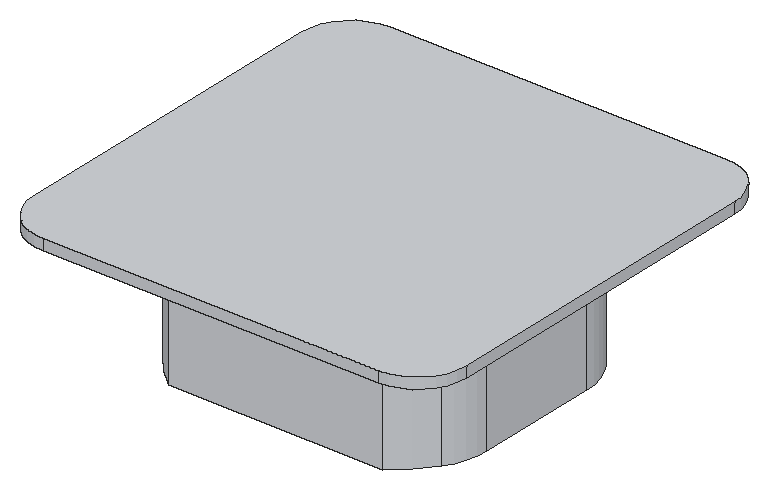
Revit family "Gira_541400", category Electrical Fixtures, host Face, Revit 2017
Family settings
  Host = Face
  Maintain Annotation Orientation = Yes
  Round Connector Dimension = Use Diameter
  Part Type = Normal
  Cut with Voids When Loaded = No
  Shared = No
  Room Calculation Point = No
Parameters (values of type "S3000 Jal.steuereins. + Nebenst.eing. Einsatz")
  Zusammenstellung = "Basiselement"
  Zufallsgenerator = "No"
  Werkstoffgüte = "sonstige"
  Werkstoff = "sonstige"
  URL = "http://katalog.gira.de/de_DE/datenblatt.html?artikelnr=541400"
  Transparent = "No"
  Region = "DE"
  Oberfläche = "sonstige"
  Nennspannung = "230 Volt"
  Nebenstelleneingang = "Yes"
  Name = "S3000 Jal.steuereins. + Nebenst.eing. Einsatz"
  Montageart = "unter Putz"
  Mit Memory-Funktion = "No"
  Mit Helligkeitssensoranschluss = "No"
  Mit Glasbruchmelderanschluss = "No"
  Mit Astro-Programm = "No"
  Max. Schaltleistung = "1000 Voltampere"
  Manufacturer URL = "https://www.gira.de/"
  Keynote = "Einsatz_1fach"
  Integrierte Zeitschaltuhr = "No"
  HeinzeBIM = "https://bimportal.heinze.de/bim/s3000-jal-steuereins-nebenst-eing-einsatz/ac306133452292a3bc7f806966d65fbe93a0f52b"
  Halogenfrei = "No"
  HAN = "541400"
  Geeignet für Windsensor = "No"
  Geeignet für Schutzart (IP) = "IP20"
  Geeignet für Regensensor = "No"
  GTIN = "4010337027423"
  Farbe = "sonstige"
  Default Elevation = 1219.2 mm
  Data sheet (1) = "https://katalog.gira.de/de_DE/download.html?artikelnr=541400"
  Category = "Jalousiesteuerung"
  Befestigungsart = "Krallen-/Schraubbefestigung"
  Available = "Yes"
  Aussperrsicherung = "No"
  Ausführung der Oberfläche = "nicht zutreffend"
Reference planes
  plane 1 "Center (Front/Back)": y = 0
  plane 2: z = 0
  plane 3 "Center (Left/Right)": x = 0
Forms (mm)
  Extrusion 1, solid, detail levels fine
    sketch origin (0, 0, 0) x (1, 0, 0) y (0, 1, 0)
      loop
        line (27.475, 35.475) -> (-27.475, 35.475)
        arc (-27.475, 35.475) -> (-33.132, 33.132) -> (-35.475, 27.475) r 8
        line (-35.475, 27.475) -> (-35.475, -27.475)
        arc (-35.475, -27.475) -> (-33.132, -33.132) -> (-27.475, -35.475) r 8
        line (-27.475, -35.475) -> (27.475, -35.475)
        arc (27.475, -35.475) -> (33.132, -33.132) -> (35.475, -27.475) r 8
        line (35.475, -27.475) -> (35.475, 27.475)
        arc (35.475, 27.475) -> (33.132, 33.132) -> (27.475, 35.475) r 8
    from 0 to 1.8
  Extrusion 2, solid, detail levels fine
    sketch origin (0, 0, 0) x (1, 0, 0) y (0, 1, 0)
      loop
        line (9.678, 25.4) -> (-9.678, 25.4)
        arc (-9.678, 25.4) -> (-12.885, 24.922) -> (-15.814, 23.53) r 11
        arc (-15.814, 23.53) -> (-17.795, 22.07) -> (-19.641, 20.444) r 28.35
        arc (-19.641, 20.444) -> (-21.339, 18.665) -> (-22.876, 16.745) r 28.35
        arc (-22.876, 16.745) -> (-24.456, 13.666) -> (-25, 10.248) r 11
        line (-25, 10.248) -> (-25, -10.248)
        arc (-25, -10.248) -> (-24.456, -13.666) -> (-22.876, -16.745) r 11
        arc (-22.876, -16.745) -> (-20.409, -19.677) -> (-17.569, -22.25) r 28.35
        line (-17.569, -22.25) -> (17.569, -22.25)
        arc (17.569, -22.25) -> (20.409, -19.677) -> (22.876, -16.745) r 28.35
        arc (22.876, -16.745) -> (24.456, -13.666) -> (25, -10.248) r 11
        line (25, -10.248) -> (25, 10.248)
        arc (25, 10.248) -> (24.456, 13.666) -> (22.876, 16.745) r 11
        arc (22.876, 16.745) -> (21.593, 18.37) -> (20.195, 19.897) r 28.35
        arc (20.195, 19.897) -> (18.096, 21.823) -> (15.814, 23.53) r 28.35
        arc (15.814, 23.53) -> (12.885, 24.922) -> (9.678, 25.4) r 11
    from 0 to -22
  Extrusion 3, solid, detail levels medium
    sketch origin (0, 0, 0) x (1, 0, 0) y (0, 1, 0)
      loop
        line (-25, 25.4) -> (-25, -22.25) -> (25, -22.25) -> (25, 25.4) -> (-25, 25.4)
    from 0 to -22
  Extrusion 4, solid, detail levels coarse
    sketch origin (0, 0, 0) x (1, 0, 0) y (0, 1, 0)
      loop
        line (35.475, 35.475) -> (-35.475, 35.475) -> (-35.475, -35.475) -> (35.475, -35.475) -> (35.475, 35.475)
    from -22 to 1.8
  Extrusion 5, solid, detail levels medium
    sketch origin (0, 0, 0) x (1, 0, 0) y (0, 1, 0)
      loop
        line (35.475, 35.475) -> (-35.475, 35.475) -> (-35.475, -35.475) -> (35.475, -35.475) -> (35.475, 35.475)
    from 0 to 1.8
Dimensions and locks
  aligned and locked: plane 2 to host face
  aligned and locked: level to host face
  aligned and locked: plane 3 "Center (Left/Right)" to nested 1
  aligned and locked: plane 1 "Center (Front/Back)" to nested 1
Nested families
  nested 1: "RJ45-Datendose Beschriftung" at (0, 0, 0), type "RJ45-Datendose Beschriftung"
Connectors
  electrical at (0, 0, -22)
    settings: on Extrusion 4, index 1, voltage 220 V, apparent load 0 VA, apparent load phase1 0 VA, apparent load phase2 0 VA, apparent load phase3 0 VA, power factor 1, load classification "Other", number of poles 1, system type 30, power factor state 1, is connector primary yes, connector utility no, sub classification motor no, connector description ""
Definition of nested family "RJ45-Datendose Beschriftung"
  Reference planes
    plane 1: y = 0
    plane 2: x = 0
  Lines and regions (mm)
    Filled region 1, type "Gefüllter Bereich 1"
      outline origin (0, 0, 0) x (1, 0, 0) y (0, 1, 0)
        loop
          circle (0, 2.4) r 0.4
    detail lines
      curve 1: line (0, 0, 0) -> (0, 2, 0)
      curve 2: line (0, 2, 0) -> (1.2, 2, 0)
      curve 3: line (1.2, 2, 0) -> (1.2, 3.6, 0)
      curve 4: circle (0, 2.4, 0) r 0.4 normal (0, 0, 1)
      curve 5: line (0, 2, 0) -> (-1.2, 2, 0)
      curve 6: line (-1.2, 2, 0) -> (-1.2, 3.6, 0)
